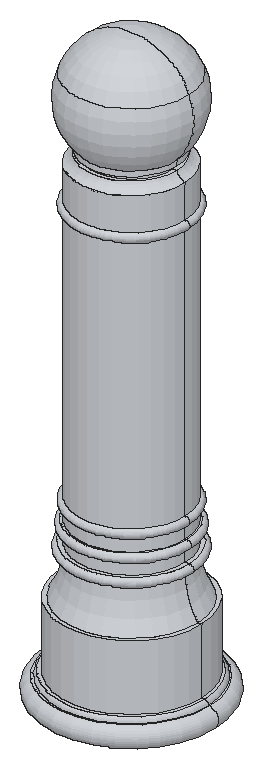
Revit family
Parameters (values of type "003.5")
  URL = "www.strombergarchitectural.com"
  Top Material = GFRC
  Texture = "smooth"
  Submittal Sheet = "www.strombergarchitectural.com/images/materials/gfrc/submittal/gfrc-submittal-sheet.pdf"
  Specifications = "www.strombergarchitectural.com/gfrcspecifications"
  Model Cut-sheet = "www.strombergarchitectural.com/products/bollards/design/sbs-003"
  Model = "SBS-003"
  Manufacturer = "Stromberg Architectural Products"
  Guidebook = "www.strombergarchitectural.com/images/materials/gfrc/handbooks/gfrc_guidebook.pdf"
  Width = "1'  2\""
  Description = "GFRC Bollard"
  Color = "buff"
  Assembly Code = ""
  Height = 4' - 0"
  003.5 = yes
  003.4 = no
  003.3 = no
  003.2 = no
  003.1 = no
Types (6): name | Texture | Model Cut-sheet | Width | Color | Height | 003.5 | 003.4 | 003.3 | 003.2 | 003.1
  (no name) | "smooth" | "www.strombergarchitectural.com/products/bollards/design/sbs-003" | "1'  2\"" | "buff" | 4' - 0" | yes | no | no | no | no
  003.1 | "smooth" | "www.strombergarchitectural.com/products/bollards/design/sbs-003" | "0'  7\"" | "buff" | 2' - 0" | no | no | no | no | yes
  003.2 | "stone" | "www.strombergarchitectural.com/products/bollards/design/sbs-003" | "0'  9\"" | "white" | 2' - 6" | no | no | no | yes | no
  003.3 | "smooth" | "www.strombergarchitectural.com/products/bollards/design/sbs-0037" | "0'  10\"" | "white" | 3' - 0" | no | no | yes | no | no
  003.4 | "stone" | "www.strombergarchitectural.com/products/bollards/design/sbs-003" | "1'  0\"" | "buff" | 3' - 6" | no | yes | no | no | no
  003.5 | "smooth" | "www.strombergarchitectural.com/products/bollards/design/sbs-003" | "1'  2\"" | "buff" | 4' - 0" | yes | no | no | no | no
Reference planes (in)
  plane 1 "Center (Front/Back)": y = 3.74847
  plane 2: z = 0
  plane 3 "Center (Left/Right)": x = 0.7278
  plane 4 "Front": y = -3.25153
  plane 5 "Back": y = 10.74847
  plane 6 "Left": x = -17.2722
  plane 7 "Right": x = 17.7278
Forms (in)
  Revolve 1, solid, visible <- "003.1"
    sketch origin (0, 3.74847, 0) x (1, 0, 0) y (0, 0, 1)
      loop
        arc (0.7278, 23.99404) -> (-0.6665, 23.65094) -> (-1.5959, 22.55641) r 2.33333
        arc (-1.5959, 22.55641) -> (-1.72933, 21.22145) -> (-1.10553, 20.03367) r 2.33333
        line (-1.10553, 20.03367) -> (-1.10553, 19.83333) -> (-0.93109, 19.83333) -> (-0.93109, 19.6686) -> (-1.10478, 19.6686)
        arc (-1.10478, 19.6686) -> (-1.23766, 19.46489) -> (-1.44137, 19.33201) r 0.59058
        line (-1.44137, 19.33201) -> (-1.44137, 18)
        arc (-1.44137, 18) -> (-1.60656, 17.83481) -> (-1.44137, 17.66963) r 0.16519
        line (-1.44137, 17.66963) -> (-1.44137, 7.33333)
        arc (-1.44137, 7.33333) -> (-1.60804, 7.16667) -> (-1.44137, 7) r 0.16667
        line (-1.44137, 7) -> (-1.44137, 6.5) -> (-1.5222, 6.5)
        arc (-1.5222, 6.5) -> (-1.68887, 6.33333) -> (-1.5222, 6.16667) r 0.16667
        line (-1.5222, 6.16667) -> (-1.44137, 6.16667) -> (-1.44137, 5.66667) -> (-1.60447, 5.66667)
        arc (-1.60447, 5.66667) -> (-1.77114, 5.5) -> (-1.60447, 5.33333) r 0.16667
        line (-1.60447, 5.33333) -> (-1.42932, 5.33333)
        arc (-1.42932, 5.33333) -> (-1.56668, 4.4641) -> (-1.93887, 3.66667) r 3.15374
        line (-1.93887, 3.66667) -> (-2.10553, 3.66667) -> (-2.10348, 1.00365) -> (-2.26763, 1.00365)
        arc (-2.26763, 1.00365) -> (-2.331, 0.9267) -> (-2.36596, 0.83333) r 0.3029
        arc (-2.36596, 0.83333) -> (-2.7724, 0.44904) -> (-2.43887, 0) r 0.42121
        line (-2.43887, 0) -> (0.7278, 0) -> (0.7278, 23.99404)
      axis (0.7278, 0) -> (0.7278, 23.99404)
    angle from 0 to 360
  Revolve 2, solid, visible <- "003.2"
    sketch origin (0, 3.74847, 0) x (1, 0, 0) y (0, 0, 1)
      loop
        arc (0.7278, 29.98089) -> (-1.08634, 29.59613) -> (-2.30183, 28.19551) r 2.91667
        arc (-2.30183, 28.19551) -> (-2.46861, 26.52681) -> (-1.68887, 25.04209) r 2.91667
        line (-1.68887, 25.04209) -> (-1.68887, 24.79167) -> (-1.47405, 24.79167) -> (-1.47405, 24.58595) -> (-1.68785, 24.58595)
        arc (-1.68785, 24.58595) -> (-1.8532, 24.33202) -> (-2.10713, 24.16667) r 0.73306
        line (-2.10713, 24.16667) -> (-2.10713, 22.5)
        arc (-2.10713, 22.5) -> (-2.31381, 22.29332) -> (-2.10713, 22.08664) r 0.20668
        line (-2.10713, 22.08664) -> (-2.10713, 9.16667)
        arc (-2.10713, 9.16667) -> (-2.31546, 8.95833) -> (-2.10713, 8.75) r 0.20833
        line (-2.10713, 8.75) -> (-2.10713, 8.125) -> (-2.2097, 8.125)
        arc (-2.2097, 8.125) -> (-2.41803, 7.91667) -> (-2.2097, 7.70833) r 0.20833
        line (-2.2097, 7.70833) -> (-2.10713, 7.70833) -> (-2.10713, 7.08111) -> (-2.34359, 7.08111)
        arc (-2.34359, 7.08111) -> (-2.55081, 6.87389) -> (-2.34359, 6.66667) r 0.20722
        line (-2.34359, 6.66667) -> (-2.09359, 6.66667)
        arc (-2.09359, 6.66667) -> (-2.26674, 5.58057) -> (-2.73053, 4.58333) r 3.9798
        line (-2.73053, 4.58333) -> (-2.93165, 4.58333) -> (-2.93165, 1.2528) -> (-3.14372, 1.2528)
        arc (-3.14372, 1.2528) -> (-3.22015, 1.15992) -> (-3.24218, 1.04167) r 0.24102
        line (-3.24218, 1.04167) -> (-3.35553, 1.04167)
        arc (-3.35553, 1.04167) -> (-3.7722, 0.52083) -> (-3.35553, 0) r 0.53385
        line (-3.35553, 0) -> (0.7278, 0) -> (0.7278, 29.98089)
      axis (0.7278, 29.98089) -> (0.7278, 0)
    angle from 0 to 360
  Revolve 3, solid, visible <- "003.3"
    sketch origin (0, 3.74847, 0) x (1, 0, 0) y (0, 0, 1)
      loop
        arc (0.7278, 36) -> (-1.16779, 35.44224) -> (-2.45921, 33.94672) r 3.5
        arc (-2.45921, 33.94672) -> (-2.71903, 31.89223) -> (-1.7722, 30.05051) r 3.5
        line (-1.7722, 30.05051) -> (-1.7722, 29.75) -> (-1.5222, 29.75) -> (-1.5222, 29.5) -> (-1.7722, 29.5)
        arc (-1.7722, 29.5) -> (-1.96999, 29.19779) -> (-2.2722, 29) r 0.88341
        line (-2.2722, 29) -> (-2.2722, 27)
        arc (-2.2722, 27) -> (-2.5222, 26.75) -> (-2.2722, 26.5) r 0.25
        line (-2.2722, 26.5) -> (-2.2722, 11)
        arc (-2.2722, 11) -> (-2.5222, 10.75) -> (-2.2722, 10.5) r 0.25
        line (-2.2722, 10.5) -> (-2.2722, 9.75) -> (-2.3972, 9.75)
        arc (-2.3972, 9.75) -> (-2.6472, 9.5) -> (-2.3972, 9.25) r 0.25
        line (-2.3972, 9.25) -> (-2.2722, 9.25) -> (-2.2722, 8.49769) -> (-2.55534, 8.49769)
        arc (-2.55534, 8.49769) -> (-2.80418, 8.24884) -> (-2.55534, 8) r 0.24884
        line (-2.55534, 8) -> (-2.30534, 8)
        arc (-2.30534, 8) -> (-2.4554, 6.69025) -> (-3.0222, 5.5) r 4.00883
        line (-3.0222, 5.5) -> (-3.2722, 5.5) -> (-3.2722, 1.53053) -> (-3.47839, 1.53053)
        arc (-3.47839, 1.53053) -> (-3.59861, 1.41292) -> (-3.64035, 1.25) r 0.31211
        line (-3.64035, 1.25) -> (-3.7722, 1.25)
        arc (-3.7722, 1.25) -> (-4.2722, 0.625) -> (-3.7722, 0) r 0.64063
        line (-3.7722, 0) -> (0.7278, 0) -> (0.7278, 36)
      axis (0.7278, 36) -> (0.7278, 0)
    angle from 0 to 360
  Revolve 4, solid, visible <- "003.4"
    sketch origin (0, 3.74847, 0) x (1, 0, 0) y (0, 0, 1)
      loop
        arc (0.7278, 41.9966) -> (-1.64021, 41.35581) -> (-3.21368, 39.47371) r 4.08333
        arc (-3.21368, 39.47371) -> (-3.44718, 37.13753) -> (-2.35553, 35.05893) r 4.08333
        line (-2.35553, 35.05893) -> (-2.35553, 34.70833) -> (-2.06387, 34.70833) -> (-2.06387, 34.41667) -> (-2.35167, 34.42667)
        arc (-2.35167, 34.42667) -> (-2.58562, 34.06475) -> (-2.94754, 33.8308) r 1.02626
        line (-2.94754, 33.8308) -> (-2.94754, 31.5)
        arc (-2.94754, 31.5) -> (-3.24437, 31.20317) -> (-2.94754, 30.90633) r 0.29683
        line (-2.94754, 30.90633) -> (-2.94754, 12.83333)
        arc (-2.94754, 12.83333) -> (-3.23921, 12.54167) -> (-2.94754, 12.25) r 0.29167
        line (-2.94754, 12.25) -> (-2.94754, 11.37463) -> (-3.09937, 11.37463)
        arc (-3.09937, 11.37463) -> (-3.39085, 11.08315) -> (-3.09937, 10.79167) r 0.29148
        line (-3.09937, 10.79167) -> (-2.94754, 10.79167) -> (-2.94754, 9.91667) -> (-3.22867, 9.91667)
        arc (-3.22867, 9.91667) -> (-3.52034, 9.625) -> (-3.22867, 9.33333) r 0.29167
        line (-3.22867, 9.33333) -> (-2.92537, 9.33333)
        arc (-2.92537, 9.33333) -> (-3.16524, 7.80705) -> (-3.81986, 6.40758) r 5.50398
        line (-3.81986, 6.40758) -> (-4.11784, 6.40758) -> (-4.11784, 1.73572) -> (-4.41369, 1.73572)
        arc (-4.41369, 1.73572) -> (-4.50599, 1.60991) -> (-4.54303, 1.45833) r 0.39936
        line (-4.54303, 1.45833) -> (-4.68887, 1.45833)
        arc (-4.68887, 1.45833) -> (-5.2722, 0.72917) -> (-4.68887, 0) r 0.7474
        line (-4.68887, 0) -> (0.7278, 0) -> (0.7278, 41.9966)
      axis (0.7278, 41.9966) -> (0.7278, 0)
    angle from 0 to 360
  Revolve 5, solid, visible <- "003.5"
    sketch origin (0, 3.74847, 0) x (1, 0, 0) y (0, 0, 1)
      loop
        arc (0.7278, 47.98808) -> (-2.0608, 47.30189) -> (-3.91961, 45.11281) r 4.66667
        arc (-3.91961, 45.11281) -> (-4.18646, 42.44289) -> (-2.93887, 40.06735) r 4.66667
        line (-2.93887, 40.06735) -> (-2.93887, 39.66667) -> (-2.60553, 39.66667) -> (-2.60553, 39.33333) -> (-2.93887, 39.33333)
        arc (-2.93887, 39.33333) -> (-3.20259, 38.93039) -> (-3.60553, 38.66667) r 1.17788
        line (-3.60553, 38.66667) -> (-3.60553, 36.00301)
        arc (-3.60553, 36.00301) -> (-3.94037, 35.66817) -> (-3.60553, 35.33333) r 0.33484
        line (-3.60553, 35.33333) -> (-3.60404, 14.66667)
        arc (-3.60404, 14.66667) -> (-3.93737, 14.33333) -> (-3.60404, 14) r 0.33333
        line (-3.60404, 14) -> (-3.60404, 12.99982) -> (-3.76112, 12.99982)
        arc (-3.76112, 12.99982) -> (-4.09436, 12.66657) -> (-3.76112, 12.33333) r 0.33324
        line (-3.76112, 12.33333) -> (-3.60404, 12.33333) -> (-3.60404, 11.33333) -> (-3.93887, 11.33333)
        arc (-3.93887, 11.33333) -> (-4.2722, 11) -> (-3.93887, 10.66667) r 0.33333
        line (-3.93887, 10.66667) -> (-3.58643, 10.66667)
        arc (-3.58643, 10.66667) -> (-3.86813, 8.93034) -> (-4.60553, 7.33333) r 6.49325
        line (-4.60553, 7.33333) -> (-4.93887, 7.33333) -> (-4.93887, 2.03207) -> (-5.2279, 2.03207)
        arc (-5.2279, 2.03207) -> (-5.37814, 1.87521) -> (-5.43887, 1.66667) r 0.45641
        line (-5.43887, 1.66667) -> (-5.60553, 1.66667)
        arc (-5.60553, 1.66667) -> (-6.2722, 0.83333) -> (-5.60553, 0) r 0.85417
        line (-5.60553, 0) -> (0.7278, 0) -> (0.7278, 47.98808)
      axis (0.7278, 47.98808) -> (0.7278, 0)
    angle from 0 to 360
